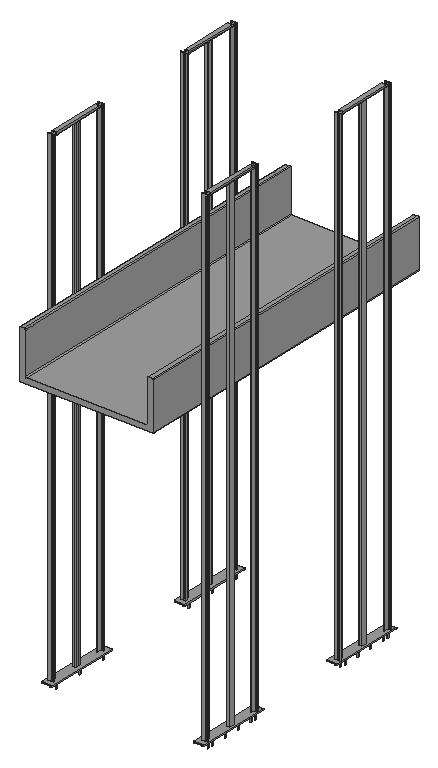
Revit family "SE_Trez_TC_4C_5000_With_Pit", category Specialty Equipment, Revit 2019
Family settings
  Round Connector Dimension = Use Diameter
  Part Type = Normal
  Work Plane-Based = No
  Always vertical = Yes
  Cut with Voids When Loaded = Yes
  Shared = No
  Room Calculation Point = No
Parameters (values of type "Platform-2000x5400mm with Door Height 2500mm")
  Shaft = TREZ_Shaft_Space
  Safe Working Load = 5000.00 kg  # constant formula
  Safe Space = if(Cabin or Platform = Cabin, 900.0 mm, if(and(Cabin or Platform = Platform, Door Clear Height > 1900.0 mm), 600.0 mm, 0.0 mm))  # 600.0 mm
  Platform = Speciality_Equipment_Trez_Platform : Platform
  Door Clear Width = Clear Width  # 2000.0 mm
  Door Clear Height = 2500.0 mm
  Clear Width = 2000.0 mm
  URL = "https://trez.bg/en/products/goods-only-lift-tc/tc-4c-four-cylinder-lift/"
  Shaft Width = Real Width + 2 * Clearance  # 2740.0 mm
  Shaft Depth = Real Depth + 100.0 mm  # 5500.0 mm
  Tower Cladding Material = TREZ_Steel_Cladding
  Real Width = if(Clear Width < 1300.0 mm, 1300.0 mm, if(Clear Width > 2000.0 mm, 2000.0 mm, Clear Width))  # 2000.0 mm
  Real Depth = if(Clear Depth < 2600.0 mm, 2600.0 mm, if(Clear Depth > 5400.0 mm, 5400.0 mm, Clear Depth))  # 5400.0 mm
  Profiles Material = TREZ_Steel
  Platform Material = TREZ_Steel
  Pit Height = 400.0 mm  # constant formula
  Travel = 4500.0 mm
  Rail Height = Travel + Pit Height + Headroom  # 8000.0 mm
  Model = "TC 4C 5000"
  Manufacturer = "TREZ Ltd."
  Headroom = Door Clear Height + Safe Space  # 3100.0 mm
  Description = "Hydraulic goods only lift with four cylinders. "  # constant formula
  Clear Depth = 5400.0 mm
  Created By URL = "https://all1studio.com/"
  Created By = "All 1 Studio Ltd."
  Clearance = 370.0 mm  # constant formula
  Cabin or Platform Back = no
  Cabin or Platform = Speciality_Equipment_Trez_Platform : Platform
  Cabin = Speciality_Equipment_Trez_Cabin : Cabin
Reference planes
  plane 1 "Center (Front/Back)": y = 0
  plane 2: z = 0
  plane 3 "Center (Left/Right)": x = 0
  plane 4: x = -1000
  plane 5: x = 1000
  plane 6: y = 2700
  plane 7: y = -2700
  plane 8: x = 1370
  plane 9: x = -1370
  plane 10: y = 2750
  plane 11: y = -2750
  plane 12: z = 4500
  plane 13 "Top of Lift": z = 7600
  plane 14 "Pit": z = -400
  plane 15: x = -1238.5
  plane 16: x = 1238.5
  plane 17: z = 7540
  plane 18: z = 40
  plane 19: z = -145
  plane 20: y = 1350
  plane 21: y = -1350
Forms (mm)
  Extrusion 1, void
    sketch origin (0, 0, 0) x (1, 0, 0) y (0, 1, 0)
      loop
        line (1370, 2750) -> (-1370, 2750) -> (-1370, -2750) -> (1370, -2750) -> (1370, 2750)
    from 0 to -400
Lines and regions (mm)
  symbolic lines, style "Platform"
    curve 1: line (-1000, 2700, 0) -> (1000, 2700, 0)
    curve 2: line (-1000, -2700, 0) -> (-1000, 2700, 0)
    curve 3: line (1000, -2700, 0) -> (-1000, -2700, 0)
    curve 4: line (1000, 2700, 0) -> (1000, -2700, 0)
    curve 5: line (-1000, 2700, 0) -> (1000, -2700, 0)
    curve 6: line (1000, 2700, 0) -> (-1000, -2700, 0)
  symbolic lines, style "Shaft Volume"
    curve 7: line (-1370, 2750, 0) -> (1370, 2750, 0)
    curve 8: line (-1370, -2750, 0) -> (-1370, 2750, 0)
    curve 9: line (1370, -2750, 0) -> (-1370, -2750, 0)
    curve 10: line (1370, 2750, 0) -> (1370, -2750, 0)
    curve 11: line (-1370, 0, 7600) -> (1370, 0, 7600)
    curve 12: line (-1370, 0, 0) -> (-1370, 0, 7600)
    curve 13: line (1370, 0, 0) -> (-1370, 0, 0)
    curve 14: line (1370, 0, 7600) -> (1370, 0, 0)
    curve 15: line (0, 2750, 7600) -> (0, -2750, 7600)
    curve 16: line (0, 2750, 0) -> (0, 2750, 7600)
    curve 17: line (0, -2750, 0) -> (0, 2750, 0)
    curve 18: line (0, -2750, 7600) -> (0, -2750, 0)
Dimensions and locks
  equal spacing: plane 4, plane 3 "Center (Left/Right)", plane 5
  "Real Width": plane 4 to plane 5
  equal spacing: plane 7, plane 1 "Center (Front/Back)", plane 6
  "Real Depth": plane 7 to plane 6
  "Travel": plane 12 to level
  "Pit Height": level to plane 14 "Pit"
  "Headroom": plane 13 "Top of Lift" to plane 12
  locked: plane 13 "Top of Lift" to plane 17 at 60
  locked: plane 18 to level at 40
  locked: level to plane 19 at 145
  locked: plane 7 to plane 11 at 50
  locked: plane 6 to plane 10 at 50
  locked: plane 9 to plane 15 at 131.5
  locked: plane 16 to plane 8 at 131.5
  "Clearance": plane 5 to plane 8
  "Clearance": plane 9 to plane 4
  equal spacing: plane 1 "Center (Front/Back)", plane 20, plane 6
  equal spacing: plane 7, plane 21, plane 1 "Center (Front/Back)"
  aligned and locked: level to plane 2
  aligned and locked: Extrusion 1 to plane 14 "Pit"
  aligned and locked: plane 1 "Center (Front/Back)" to nested 1
  aligned and locked: nested 1 to plane 3 "Center (Left/Right)"
  aligned and locked: plane 12 to nested 1
  aligned and locked: plane 10 to curve 7
  aligned and locked: curve 8 to plane 9
  aligned and locked: plane 11 to curve 9
  aligned and locked: curve 10 to plane 8
  aligned and locked: curve 11 to plane 13 "Top of Lift"
  aligned and locked: plane 9 to curve 12
  aligned and locked: level to curve 13
  aligned and locked: plane 8 to curve 14
  aligned and locked: plane 13 "Top of Lift" to curve 15
  aligned and locked: curve 16 to plane 10
  aligned and locked: curve 17 to level
  aligned and locked: curve 18 to plane 11
  aligned and locked: Extrusion 1 sketch curve to plane 10
  aligned and locked: Extrusion 1 sketch curve to plane 8
  aligned and locked: Extrusion 1 sketch curve to plane 11
  aligned and locked: Extrusion 1 sketch curve to plane 9
  aligned and locked: plane 15 to nested 2
  aligned and locked: nested 3 to plane 16
  aligned and locked: plane 21 to nested 3
  aligned and locked: nested 2 to plane 21
  aligned and locked: nested 5 to plane 16
  aligned and locked: plane 15 to nested 4
  aligned and locked: nested 5 to plane 20
  aligned and locked: plane 20 to nested 4
  aligned and locked: plane 14 "Pit" to nested 3
  aligned and locked: nested 2 to plane 14 "Pit"
  aligned and locked: nested 4 to plane 14 "Pit"
  aligned and locked: plane 14 "Pit" to nested 5
Automatic sketch dimensions
  curve 3 to plane 4 = 0.0 mm
  curve 4 to plane 5 = 0.0 mm
  curve 3 to plane 7 = 0.0 mm
  plane 6 to curve 2 = 0.0 mm
Nested families
  nested 1: "Speciality_Equipment_Trez_Platform" at (0, 0, 4500), type <- "Cabin or Platform", type "Platform"
    with Width 2000.0 mm, Depth 5400.0 mm, Back Board no
  nested 2: "Generic_Model_Trez_Rails" at (-1238.5, -1350, -400), type "Rails"
    with Height 8000.0 mm
  nested 3: "Generic_Model_Trez_Rails" at (1238.5, -1350, -400) x (-1, 0, 0) z (0, 0, 1), type "Rails"
    with Height 8000.0 mm
  nested 4: "Generic_Model_Trez_Rails" at (-1238.5, 1350, -400), type "Rails"
    with Height 8000.0 mm
  nested 5: "Generic_Model_Trez_Rails" at (1238.5, 1350, -400) x (-1, 0, 0) z (0, 0, 1), type "Rails"
    with Height 8000.0 mm
Definition of nested family "Speciality_Equipment_Trez_Platform"
  Parameters (values of type "Speciality_Equipment_Trez_Platform")
    Width = 3600.0 mm
    Platform Material = none
    Depth = 2900.0 mm
    Back Board = yes
  Reference planes
    plane 1 "Center (Front/Back)": y = 0
    plane 2 "Bottom": z = 0
    plane 3 "Center (Left/Right)": x = 0
    plane 4: x = 1800
    plane 5: x = -1800
    plane 6: y = 1450
    plane 7: y = -1450
    plane 8: x = -1889
    plane 9: x = 1889
    plane 10: y = 1485
    plane 11: z = -89
    plane 12: z = 709
  Forms (mm)
    Extrusion 1, solid, material <- "Platform Material", visible <- "Back Board"
      sketch origin (0, 0, 0) x (1, 0, 0) y (0, 1, 0)
        loop
          line (-1889, 1485) -> (-1889, 1450) -> (1889, 1450) -> (1889, 1485) -> (-1889, 1485)
      from 0 to 709
    Extrusion 2, solid, material <- "Platform Material", detail levels coarse+medium
      sketch origin (0, 0, 0) x (1, 0, 0) y (0, 0, 1)
        loop
          line (-1800, 709) -> (-1889, 709) -> (-1889, -89) -> (1889, -89) -> (1889, 709) -> (1800, 709) -> (1800, 0) -> (-1800, 0) -> (-1800, 709)
      from -1450 to 1450
    Extrusion 3, solid, material <- "Platform Material", detail levels fine
      sketch origin (0, 0, 0) x (1, 0, 0) y (0, 0, 1)
        loop
          arc (-1874, 709) -> (-1884.607, 704.607) -> (-1889, 694) r 15
          line (-1889, 694) -> (-1889, -74)
          arc (-1889, -74) -> (-1884.607, -84.607) -> (-1874, -89) r 15
          line (-1874, -89) -> (1874, -89)
          arc (1874, -89) -> (1884.607, -84.607) -> (1889, -74) r 15
          line (1889, -74) -> (1889, 694)
          arc (1889, 694) -> (1884.607, 704.607) -> (1874, 709) r 15
          line (1874, 709) -> (1815, 709)
          arc (1815, 709) -> (1804.393, 704.607) -> (1800, 694) r 15
          line (1800, 694) -> (1800, 15)
          arc (1800, 15) -> (1795.607, 4.393) -> (1785, 0) r 15
          line (1785, 0) -> (-1785, 0)
          arc (-1785, 0) -> (-1795.607, 4.393) -> (-1800, 15) r 15
          line (-1800, 15) -> (-1800, 694)
          arc (-1800, 694) -> (-1804.393, 704.607) -> (-1815, 709) r 15
          line (-1815, 709) -> (-1874, 709)
      from -1450 to 1450
  Dimensions and locks
    equal spacing: plane 5, plane 3 "Center (Left/Right)", plane 4
    "Width": plane 5 to plane 4
    equal spacing: plane 7, plane 1 "Center (Front/Back)", plane 6
    "Depth": plane 6 to plane 7
    locked: plane 8 to plane 5 at 89
    locked: plane 4 to plane 9 at 89
    locked: plane 10 to plane 6 at 35
    locked: plane 2 "Bottom" to plane 11 at 89
    locked: plane 12 to plane 2 "Bottom" at 709
    aligned and locked: level to plane 2 "Bottom"
    aligned and locked: Extrusion 1 sketch curve to plane 10
    aligned and locked: plane 8 to Extrusion 1 sketch curve
    aligned and locked: plane 5 to Extrusion 2 sketch curve
    aligned and locked: plane 8 to Extrusion 2 sketch curve
    aligned and locked: Extrusion 2 sketch curve to plane 9
    aligned and locked: Extrusion 2 sketch curve to plane 4
    aligned and locked: Extrusion 2 sketch curve to plane 2 "Bottom"
    aligned and locked: Extrusion 2 sketch curve to plane 11
    aligned and locked: Extrusion 2 sketch curve to plane 12
    aligned and locked: Extrusion 2 to plane 6
    aligned and locked: Extrusion 2 to plane 7
    aligned and locked: Extrusion 3 sketch curve to plane 12
    aligned and locked: plane 8 to Extrusion 3 sketch curve
    aligned and locked: plane 5 to Extrusion 3 sketch curve
    aligned and locked: Extrusion 3 sketch curve to plane 4
    aligned and locked: Extrusion 3 sketch curve to plane 9
    aligned and locked: Extrusion 3 sketch curve to plane 2 "Bottom"
    aligned and locked: Extrusion 3 sketch curve to plane 11
    aligned and locked: Extrusion 3 to plane 7
    aligned and locked: Extrusion 3 to plane 6
  Automatic sketch dimensions
    plane 12 to Extrusion 2 sketch curve = 0.0 mm
    Extrusion 1 sketch curve to plane 6 = 0.0 mm
    Extrusion 1 sketch curve to plane 9 = 0.0 mm
    Extrusion 3 sketch curve to plane 12 = 0.0 mm
    Extrusion 3 sketch curve to Extrusion 3 sketch curve = 15.0 mm  (x4)
    plane 5 to Extrusion 3 sketch curve = 15.0 mm
    Extrusion 3 sketch curve to plane 4 = 15.0 mm
    plane 4 to Extrusion 3 sketch curve = 15.0 mm
    Extrusion 3 sketch curve to plane 9 = 15.0 mm
Definition of nested family "Generic_Model_Trez_Rails"
  Parameters (values of type "SE_Trez_Rails")
    Profiles Material = none
    Height = 8720.0 mm
  Reference planes
    plane 1 "Center (Front/Back)": y = 0
    plane 2: z = 0
    plane 3 "Center (Left/Right)": x = 0
    plane 4: x = 87.2
    plane 5: x = -87.2
    plane 6: y = 607.5
    plane 7: y = -607.5
    plane 8: z = 8720
    plane 9: z = 15
    plane 10: z = 8685
    plane 11: z = -95
  Forms (mm)
    Extrusion 1, solid, material <- "Profiles Material", detail levels fine
      sketch origin (0, 0, 0) x (1, 0, 0) y (0, 1, 0)
        loop
          line (77.2, 607.5) -> (-77.2, 607.5)
          arc (-77.2, 607.5) -> (-84.271, 604.571) -> (-87.2, 597.5) r 10
          line (-87.2, 597.5) -> (-87.2, -597.5)
          arc (-87.2, -597.5) -> (-84.271, -604.571) -> (-77.2, -607.5) r 10
          line (-77.2, -607.5) -> (77.2, -607.5)
          arc (77.2, -607.5) -> (84.271, -604.571) -> (87.2, -597.5) r 10
          line (87.2, -597.5) -> (87.2, 597.5)
          arc (87.2, 597.5) -> (84.271, 604.571) -> (77.2, 607.5) r 10
      from 0 to 15
    Extrusion 2, solid, material <- "Profiles Material", detail levels fine
      sketch origin (0, 0, 0) x (1, 0, 0) y (0, 1, 0)
        loop
          line (-61.5, -517.5) -> (28.5, -517.5) -> (28.5, -509.5) -> (-3.5, -509.5)
          arc (-3.5, -509.5) -> (-7.036, -508.036) -> (-8.5, -504.5) r 5
          line (-8.5, -504.5) -> (-8.5, -442.5) -> (-24.5, -442.5) -> (-24.5, -504.5)
          arc (-24.5, -504.5) -> (-25.964, -508.036) -> (-29.5, -509.5) r 5
          line (-29.5, -509.5) -> (-61.5, -509.5) -> (-61.5, -517.5)
        loop
          line (-37.94, -40) -> (-1.94, -40)
          arc (-1.94, -40) -> (8.667, -35.607) -> (13.06, -25) r 15
          line (13.06, -25) -> (13.06, 25)
          arc (13.06, 25) -> (8.667, 35.607) -> (-1.94, 40) r 15
          line (-1.94, 40) -> (-37.94, 40) -> (-37.94, -40)
        loop
          line (-61.5, 517.5) -> (-61.5, 509.5) -> (-29.5, 509.5)
          arc (-29.5, 509.5) -> (-25.964, 508.036) -> (-24.5, 504.5) r 5
          line (-24.5, 504.5) -> (-24.5, 442.5) -> (-8.5, 442.5) -> (-8.5, 504.5)
          arc (-8.5, 504.5) -> (-7.036, 508.036) -> (-3.5, 509.5) r 5
          line (-3.5, 509.5) -> (28.5, 509.5) -> (28.5, 517.5) -> (-61.5, 517.5)
      from 15 to 8720
    Extrusion 3, solid, material <- "Profiles Material", detail levels fine
      sketch origin (0, 0, 0) x (1, 0, 0) y (0, 0, 1)
        loop
          line (-51.5, 8720) -> (-51.5, 8690)
          arc (-51.5, 8690) -> (-50.036, 8686.464) -> (-46.5, 8685) r 5
          line (-46.5, 8685) -> (13.5, 8685)
          arc (13.5, 8685) -> (17.036, 8686.464) -> (18.5, 8690) r 5
          line (18.5, 8690) -> (18.5, 8720) -> (-51.5, 8720)
      from -442.5 to 442.5
    Extrusion 4, solid, material <- "Profiles Material", detail levels coarse+medium
      sketch origin (0, 0, 0) x (1, 0, 0) y (0, 1, 0)
        loop
          line (87.2, 607.5) -> (-87.2, 607.5) -> (-87.2, -607.5) -> (87.2, -607.5) -> (87.2, 607.5)
      from 0 to 15
    Extrusion 5, solid, material <- "Profiles Material", detail levels coarse+medium
      sketch origin (0, 0, 0) x (1, 0, 0) y (0, 1, 0)
        loop
          line (-61.5, -517.5) -> (28.5, -517.5) -> (28.5, -442.5) -> (-61.5, -442.5) -> (-61.5, -517.5)
        loop
          line (-37.94, -40) -> (13.06, -40) -> (13.06, 40) -> (-37.94, 40) -> (-37.94, -40)
        loop
          line (-61.5, 517.5) -> (-61.5, 442.5) -> (28.5, 442.5) -> (28.5, 517.5) -> (-61.5, 517.5)
      from 15 to 8720
    Extrusion 6, solid, material <- "Profiles Material", detail levels coarse+medium
      sketch origin (0, 0, 0) x (1, 0, 0) y (0, 0, 1)
        loop
          line (-51.5, 8720) -> (-51.5, 8690)
          arc (-51.5, 8690) -> (-50.036, 8686.464) -> (-46.5, 8685) r 5
          line (-46.5, 8685) -> (13.5, 8685)
          arc (13.5, 8685) -> (17.036, 8686.464) -> (18.5, 8690) r 5
          line (18.5, 8690) -> (18.5, 8720) -> (-51.5, 8720)
      from -442.5 to 442.5
    Extrusion 7, solid, material <- "Profiles Material", detail levels fine
      sketch origin (0, 0, 0) x (1, 0, 0) y (0, 1, 0)
        loop
          circle (46.2, 480) r 7.5
        loop
          circle (-43.8, 480) r 7.5
        loop
          circle (-43.8, 390) r 7.5
        loop
          circle (46.2, -480) r 7.5
        loop
          circle (-43.8, -480) r 7.5
        loop
          circle (-43.8, -390) r 7.5
        loop
          circle (-43.8, -130) r 7.5
        loop
          circle (-43.8, 130) r 7.5
        loop
          circle (46.2, 0.052) r 7.5
      from -95 to 0
  Cuts and joins
    joined: Extrusion 2, Extrusion 3
    joined: Extrusion 5, Extrusion 6
  Lines and regions (mm)
    symbolic lines
      curve 1: line (28.5, 442.5, 0) -> (-61.5, 442.5, 0)
      curve 2: line (28.5, 517.5, 0) -> (28.5, 442.5, 0)
      curve 3: line (-61.5, 517.5, 0) -> (28.5, 517.5, 0)
      curve 4: line (-61.5, 442.5, 0) -> (-61.5, 517.5, 0)
      curve 5: line (13.06, 40, 0) -> (-37.94, 40, 0)
      curve 6: line (13.06, -40, 0) -> (13.06, 40, 0)
      curve 7: line (-37.94, -40, 0) -> (13.06, -40, 0)
      curve 8: line (-37.94, 40, 0) -> (-37.94, -40, 0)
      curve 9: line (28.5, -442.5, 0) -> (-61.5, -442.5, 0)
      curve 10: line (28.5, -517.5, 0) -> (28.5, -442.5, 0)
      curve 11: line (-61.5, -517.5, 0) -> (28.5, -517.5, 0)
      curve 12: line (-61.5, -442.5, 0) -> (-61.5, -517.5, 0)
      curve 13: line (87.2, -607.5, 0) -> (-87.2, -607.5, 0)
      curve 14: line (87.2, 607.5, 0) -> (87.2, -607.5, 0)
      curve 15: line (-87.2, 607.5, 0) -> (87.2, 607.5, 0)
      curve 16: line (-87.2, -607.5, 0) -> (-87.2, 607.5, 0)
  Dimensions and locks
    equal spacing: plane 5, plane 3 "Center (Left/Right)", plane 4
    plane 5 to plane 4 = 174.4 mm
    equal spacing: plane 6, plane 1 "Center (Front/Back)", plane 7
    plane 7 to plane 6 = 1215.0 mm
    "Height": plane 8 to plane 2
    locked: plane 9 to plane 2 at 15
    locked: plane 8 to Extrusion 3 sketch curve at 35
    locked: plane 8 to plane 10 at 35
    locked: plane 2 to plane 11 at 95
    aligned and locked: level to plane 2
    aligned and locked: Extrusion 1 sketch curve to plane 6
    aligned and locked: plane 4 to Extrusion 1 sketch curve
    aligned and locked: Extrusion 1 sketch curve to plane 7
    aligned and locked: plane 5 to Extrusion 1 sketch curve
    aligned and locked: plane 8 to Extrusion 2
    aligned and locked: Extrusion 1 to plane 9
    aligned and locked: plane 9 to Extrusion 2
    aligned and locked: Extrusion 4 sketch curve to plane 6
    aligned and locked: plane 4 to Extrusion 4 sketch curve
    aligned and locked: Extrusion 4 sketch curve to plane 7
    aligned and locked: plane 5 to Extrusion 4 sketch curve
    aligned and locked: Extrusion 4 to plane 9
    aligned and locked: Extrusion 4 to plane 2
    aligned and locked: plane 8 to Extrusion 5
    aligned and locked: plane 8 to Extrusion 3 sketch curve
    aligned and locked: Extrusion 3 to Extrusion 5  (x2)
    aligned and locked: Extrusion 7 to plane 11
    aligned and locked: plane 2 to Extrusion 7
  Automatic sketch dimensions
    Extrusion 2 sketch curve to plane 5 = 25.7 mm  (x2)
    Extrusion 2 sketch curve to plane 3 "Center (Left/Right)" = 29.5 mm  (x2)
    Extrusion 2 sketch curve to Extrusion 2 sketch curve = 5.0 mm
    Extrusion 2 sketch curve to plane 3 "Center (Left/Right)" = 24.5 mm
    Extrusion 2 sketch curve to plane 3 "Center (Left/Right)" = 8.5 mm  (x2)
    Extrusion 2 sketch curve to plane 3 "Center (Left/Right)" = 3.5 mm  (x2)
    Extrusion 2 sketch curve to plane 3 "Center (Left/Right)" = 1.94 mm  (x2)
    Extrusion 2 sketch curve to Extrusion 2 sketch curve = 15.0 mm
    plane 3 "Center (Left/Right)" to Extrusion 2 sketch curve = 28.5 mm  (x2)
    plane 7 to Extrusion 2 sketch curve = 90.0 mm
    Extrusion 2 sketch curve to Extrusion 2 sketch curve = 8.0 mm  (x3)
    Extrusion 2 sketch curve to Extrusion 2 sketch curve = 62.0 mm  (x2)
    Extrusion 2 sketch curve to plane 1 "Center (Front/Back)" = 25.0 mm
    plane 6 to Extrusion 2 sketch curve = 165.0 mm
    Extrusion 2 sketch curve to Extrusion 2 sketch curve = 0.0 mm
    Extrusion 2 sketch curve to plane 3 "Center (Left/Right)" = 37.94 mm
    plane 1 "Center (Front/Back)" to Extrusion 2 sketch curve = 40.0 mm
    Extrusion 3 sketch curve to Extrusion 3 sketch curve = 5.0 mm  (x2)
    plane 3 "Center (Left/Right)" to Extrusion 3 sketch curve = 13.5 mm
    Extrusion 3 sketch curve to plane 5 = 40.7 mm
    Extrusion 1 sketch curve to plane 5 = 10.0 mm
    Extrusion 1 sketch curve to Extrusion 1 sketch curve = 10.0 mm
    Extrusion 1 sketch curve to plane 4 = 10.0 mm  (x2)
    Extrusion 5 sketch curve to plane 5 = 25.7 mm  (x2)
    Extrusion 5 sketch curve to plane 3 "Center (Left/Right)" = 37.94 mm
    plane 3 "Center (Left/Right)" to Extrusion 5 sketch curve = 28.5 mm  (x2)
    plane 3 "Center (Left/Right)" to Extrusion 5 sketch curve = 13.06 mm
    plane 7 to Extrusion 5 sketch curve = 90.0 mm
    plane 1 "Center (Front/Back)" to Extrusion 5 sketch curve = 40.0 mm
    plane 6 to Extrusion 5 sketch curve = 165.0 mm
    Extrusion 5 sketch curve to Extrusion 5 sketch curve = 75.0 mm  (x2)
    Extrusion 5 sketch curve to plane 1 "Center (Front/Back)" = 40.0 mm
    Extrusion 6 sketch curve to plane 8 = 0.0 mm
    Extrusion 6 sketch curve to plane 10 = 0.0 mm
    plane 10 to Extrusion 6 sketch curve = 5.0 mm  (x2)
    Extrusion 6 sketch curve to plane 5 = 35.7 mm
    plane 3 "Center (Left/Right)" to Extrusion 6 sketch curve = 13.5 mm
    curve 16 to plane 5 = 0.0 mm
    curve 15 to plane 4 = 0.0 mm
    curve 13 to plane 7 = 0.0 mm
    plane 6 to curve 15 = 0.0 mm
    curve 3 to plane 5 = 25.7 mm
    curve 12 to plane 5 = 25.7 mm
    curve 5 to plane 3 "Center (Left/Right)" = 37.94 mm
    plane 3 "Center (Left/Right)" to curve 5 = 13.06 mm
    plane 3 "Center (Left/Right)" to curve 11 = 28.5 mm
    plane 3 "Center (Left/Right)" to curve 2 = 28.5 mm
    plane 7 to curve 11 = 90.0 mm
    curve 10 to curve 10 = 75.0 mm
    plane 1 "Center (Front/Back)" to curve 7 = 40.0 mm
    curve 5 to plane 1 "Center (Front/Back)" = 40.0 mm
    plane 6 to curve 2 = 165.0 mm
    curve 1 to curve 3 = 75.0 mm
    Extrusion 7 sketch curve to plane 5 = 43.4 mm  (x6)
    Extrusion 7 sketch curve to plane 4 = 41.0 mm  (x3)
    plane 7 to Extrusion 7 sketch curve = 127.5 mm
    Extrusion 7 sketch curve to Extrusion 7 sketch curve = 0.0 mm  (x2)
    Extrusion 7 sketch curve to Extrusion 7 sketch curve = 90.0 mm  (x2)
    plane 6 to Extrusion 7 sketch curve = 217.5 mm
    Extrusion 7 sketch curve to plane 1 "Center (Front/Back)" = 0.052 mm
    plane 1 "Center (Front/Back)" to Extrusion 7 sketch curve = 130.0 mm
    Extrusion 7 sketch curve to plane 1 "Center (Front/Back)" = 130.0 mm
    radius of Extrusion 7 sketch curve = 7.5 mm  (x9)
